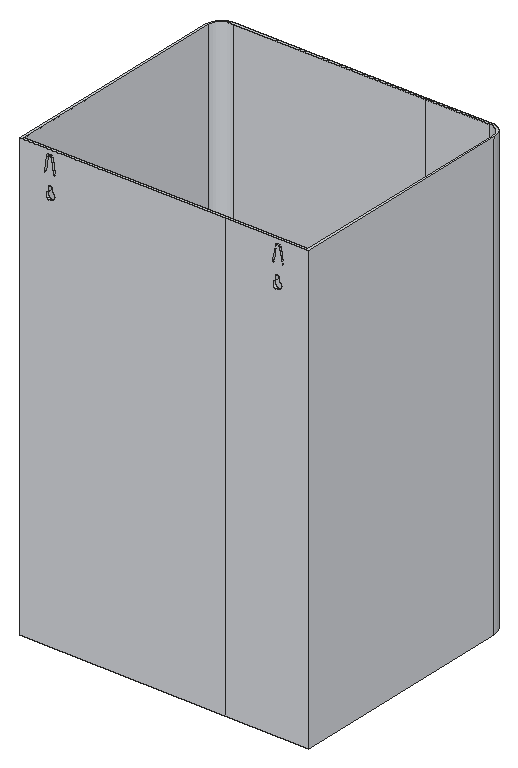
Revit family "AX8927_0006", category Appareils sanitaires, Revit 2016
Family settings
  Hôte = Mur
  Type d'élément = Normal
  Cote de connecteur circulaire = Utiliser le diamètre
  Numéro OmniClass = 23.75.00.00
  Titre OmniClass = Climate Control (HVAC)
  Toujours verticalement = Oui
  Couper avec des vides une fois chargée = Non
  Partagée = Non
  Point de calcul de pièce = Non
Parameters (values of type "Type 1")
  URL = "https://www.axeuro.com/fr/poubelles/22451-poubelle-murale-ax8927.html?search_query=ax8927&results=5"
  Type de produit / Type of product = "Poubelle murale / Waste receptacle"  # constant formula
  Référence / Reference = "AX8927, AX8927P, AX8927W"  # constant formula
  Model = ""
  Manufacturer = ""
  Entreprise / Company = "Axeuro"  # constant formula
  Description = ""
Reference planes
  plane 1 "Mur": y = 0
  plane 2 "Centre (gauche/droite)": x = 0
  plane 3 "Arrière": y = 75
Forms (mm)
  Extrusion 1, solid
    sketch origin (-104.674, -95, 0) x (1, 0, 0) y (0, 1, 0)
      loop
        line (-73.326, 170) -> (179.5, 170) -> (282.674, 170) -> (282.674, 455.853)
        arc (282.674, 455.853) -> (276.773, 470.099) -> (262.527, 476) r 20.147
        line (262.527, 476) -> (182.674, 476) -> (-53.179, 476)
        arc (-53.179, 476) -> (-67.425, 470.099) -> (-73.326, 455.853) r 20.147
        line (-73.326, 455.853) -> (-73.326, 170)
      loop
        line (182.674, 473.6) -> (-53.179, 473.6)
        arc (-53.179, 473.6) -> (-65.728, 468.402) -> (-70.926, 455.853) r 17.747
        line (-70.926, 455.853) -> (-70.926, 172.4) -> (179.5, 172.4) -> (280.274, 172.4) -> (280.274, 455.853)
        arc (280.274, 455.853) -> (275.076, 468.402) -> (262.527, 473.6) r 17.747
        line (262.527, 473.6) -> (182.674, 473.6)
    from 240 to 790
  Extrusion 2, void
    sketch origin (-39.745, 0, 10.239) x (1, 0, 0) y (0, 0, 1)
      loop
        arc (-102.277, 733.673) -> (-100.255, 723.071) -> (-98.316, 733.688) r 5.49
        line (-98.316, 733.688) -> (-98.316, 738.673)
        arc (-98.316, 738.673) -> (-100.297, 740.013) -> (-102.277, 738.673) r 2.134
        line (-102.277, 738.673) -> (-102.277, 733.673)
    from -75 to -77.6
  Extrusion 3, void
    sketch origin (-36.942, 0, 2.229) x (1, 0, 0) y (0, 0, 1)
      loop
        arc (-110.599, 762.273) -> (-109.999, 761.023) -> (-108.761, 761.649) r 0.971
        line (-108.761, 761.649) -> (-105.929, 779.052)
        arc (-105.929, 779.052) -> (-104.014, 780.967) -> (-102.099, 779.052) r 1.915
        line (-102.099, 779.052) -> (-99.267, 761.649)
        arc (-99.267, 761.649) -> (-98.029, 761.023) -> (-97.429, 762.273) r 0.971
        line (-97.429, 762.273) -> (-100.012, 779.039)
        arc (-100.012, 779.039) -> (-103.942, 782.968) -> (-107.871, 779.039) r 3.93
        line (-107.871, 779.039) -> (-110.599, 762.273)
    from -77.4 to -75
  Extrusion 4, solid
    sketch origin (38.5, 0, 40) x (1, 0, 0) y (0, 1, 0)
      loop
        line (-216.5, 360.853) -> (-216.5, 75) -> (36.326, 75) -> (139.5, 75) -> (139.5, 360.853)
        arc (139.5, 360.853) -> (133.599, 375.099) -> (119.353, 381) r 20.147
        line (119.353, 381) -> (39.5, 381) -> (-196.353, 381)
        arc (-196.353, 381) -> (-210.599, 375.099) -> (-216.5, 360.853) r 20.147
    from 200 to 202.4
  Extrusion 5, void
    sketch origin (39.745, 0, 10.239) x (-1, 0, 0) y (0, 0, -1)
      loop
        line (-102.277, -733.673) -> (-102.277, -738.673)
        arc (-102.277, -738.673) -> (-100.297, -740.013) -> (-98.316, -738.673) r 2.134
        line (-98.316, -738.673) -> (-98.316, -733.688)
        arc (-98.316, -733.688) -> (-100.255, -723.071) -> (-102.277, -733.673) r 5.49
    from -75 to -77.6
  Extrusion 6, void
    sketch origin (36.942, 0, 2.229) x (-1, 0, 0) y (0, 0, -1)
      loop
        line (-110.599, -762.273) -> (-107.871, -779.039)
        arc (-107.871, -779.039) -> (-103.942, -782.968) -> (-100.012, -779.039) r 3.93
        line (-100.012, -779.039) -> (-97.429, -762.273)
        arc (-97.429, -762.273) -> (-98.029, -761.023) -> (-99.267, -761.649) r 0.971
        line (-99.267, -761.649) -> (-102.099, -779.052)
        arc (-102.099, -779.052) -> (-104.014, -780.967) -> (-105.929, -779.052) r 1.915
        line (-105.929, -779.052) -> (-108.761, -761.649)
        arc (-108.761, -761.649) -> (-109.999, -761.023) -> (-110.599, -762.273) r 0.971
    from -77.4 to -75
Cuts and joins
  Extrusion 2, Extrusion 3, Extrusion 5, Extrusion 6 cuts Extrusion 1
  Extrusion 5, Extrusion 6 cuts Extrusion 4
  joined: Extrusion 1, Extrusion 4
Text (mm)
  text "Côté de la mise en place" at (-1820.995, 1116.779, 0), in view "Niveau de réf."
  text "Côté de la mise en place" at (0, 1334.055, 2976.191), in view "Gauche"
  text "Côté de la mise en place" at (0, 439.194, 2944.362), in view "Droite"
Dimensions and locks
  locked: plane 3 "Arrière" to host wall
  aligned and locked: plane 1 "Mur" to host wall
